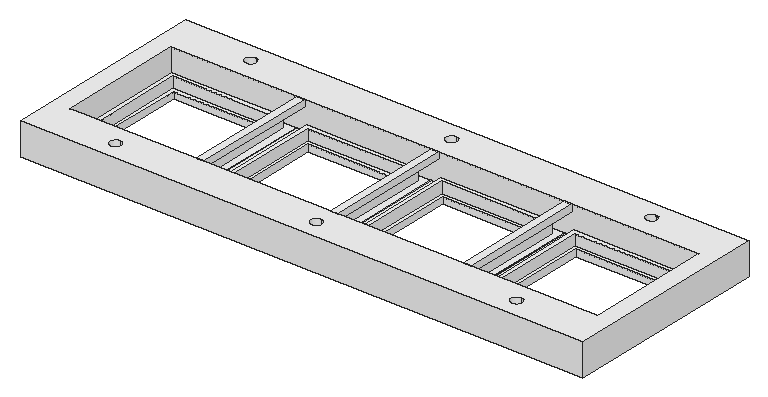
Revit family "Gira_021465", category Electrical Fixtures, host Face, Revit 2017
Family settings
  Host = Face
  Maintain Annotation Orientation = No
  Round Connector Dimension = Use Diameter
  Part Type = Normal
  Cut with Voids When Loaded = No
  Shared = No
  Room Calculation Point = No
Parameters (values of type "Abdeckrahmen 4f Gira TX_44 (WG UP) F Alu")
  Werkstoffgüte = "Thermoplast"
  Werkstoff = "Kunststoff"
  URL = "http://katalog.gira.de/de_DE/datenblatt.html?artikelnr=021465"
  Transparent = "No"
  Textfeld/Beschriftungsfläche = "No"
  Schutzart (IP) = "IP44"
  Region = "DE"
  Oberfläche = "lackiert"
  Name = "Abdeckrahmen 4f Gira TX_44 (WG UP) F Alu"
  Montagerichtung = "horizontal und vertikal"
  Mit Montagerahmen = "No"
  Mit Klappdeckel = "No"
  Manufacturer URL = "https://www.gira.de/"
  Keynote = "TX44_Rahmen_4fach"
  HeinzeBIM = "https://bimportal.heinze.de/bim/abdeckrahmen-4f-gira-tx-44-wg-up-f-alu/3bdfb5f32ee19000e1d2c692ed360d99cbe2bf3d"
  Halogenfrei = "No"
  HAN = "021465"
  Geeignet für Unterputz-Installation = "Yes"
  Geeignet für Unterflurkanaldose = "No"
  Geeignet für Geräteeinbaukanal = "No"
  Geeignet für Einbauinstallation = "No"
  GTIN = "4010337214656"
  Farbe = "aluminium"
  Default Elevation = 1219.2 mm
  Data sheet (1) = "https://katalog.gira.de/de_DE/download.html?artikelnr=021465"
  Category = "Abdeckrahmen"
  Befestigungsart = "Klemmbefestigung"
  Available = "Yes"
  Anzahl der Einheiten vertikal = "4 "
  Anzahl der Einheiten horizontal = "4 "
  Anzahl der Einheiten = "4 "
Reference planes
  plane 1 "Center (Front/Back)": y = 0
  plane 2: z = 0
  plane 3 "Center (Left/Right)": x = 0
  plane 4: x = -69.25
  plane 5: x = -73.25
  plane 6: x = 150
Forms (mm)
  Extrusion 1, solid, material "White", detail levels fine
    sketch origin (-107.091, 0, 0) x (0, -1, 0) y (1, 0, 0)
      loop
        line (-54.959, 257.091) -> (-54.959, -42.909) -> (54.959, -42.909) -> (54.959, 257.091) -> (-54.959, 257.091)
      loop
        line (-33.5, -33.5) -> (33.5, -33.5) -> (33.5, 247.683) -> (-33.5, 247.683) -> (-33.5, -33.5)
      loop
        circle (-45, -0.006) r 3
      loop
        circle (44.992, 0.001) r 3
      loop
        circle (-45, 213.594) r 3
      loop
        circle (44.992, 213.601) r 3
      loop
        circle (-45, 106.944) r 3
      loop
        circle (44.992, 106.951) r 3
    from 0 to 16.9
  Extrusion 2, solid, material "White", detail levels fine
    sketch origin (-107.091, 0, 0) x (0, -1, 0) y (1, 0, 0)
      loop
        line (-25.5, 25.5) -> (-25.5, -25.5) -> (25.5, -25.5) -> (25.5, 25.5) -> (-25.5, 25.5)
      loop
        line (-33.5, 33.5) -> (-33.5, -33.5) -> (33.5, -33.5) -> (33.5, 33.5) -> (-33.5, 33.5)
    from -1.6 to 2
  Extrusion 3, solid, material "White", detail levels fine
    sketch origin (-107.091, 0, 0) x (0, -1, 0) y (1, 0, 0)
      loop
        line (-27.5, 27.5) -> (-27.5, -27.5) -> (27.5, -27.5) -> (27.5, 27.5) -> (-27.5, 27.5)
      loop
        line (-29.5, 29.5) -> (-29.5, -29.5) -> (29.5, -29.5) -> (29.5, 29.5) -> (-29.5, 29.5)
    from 2 to 7.8
  Extrusion 4, solid, material "White", detail levels coarse+medium
    sketch origin (-107.091, 0, 0) x (0, -1, 0) y (1, 0, 0)
      loop
        line (-54.959, 257.091) -> (-54.959, -42.909) -> (54.959, -42.909) -> (54.959, 257.091) -> (-54.959, 257.091)
    from -1.6 to 16.9
  Extrusion 5, solid, material "White", detail levels fine
    sketch origin (-35.409, 0, 0) x (0, -1, 0) y (1, 0, 0)
      loop
        line (-25.5, 25.5) -> (-25.5, -25.5) -> (25.5, -25.5) -> (25.5, 25.5) -> (-25.5, 25.5)
      loop
        line (-33.5, 33.5) -> (-33.5, -33.5) -> (33.5, -33.5) -> (33.5, 33.5) -> (-33.5, 33.5)
    from -1.6 to 2
  Extrusion 6, solid, material "White", detail levels fine
    sketch origin (-35.409, 0, 0) x (0, -1, 0) y (1, 0, 0)
      loop
        line (-27.5, 27.5) -> (-27.5, -27.5) -> (27.5, -27.5) -> (27.5, 27.5) -> (-27.5, 27.5)
      loop
        line (-29.5, 29.5) -> (-29.5, -29.5) -> (29.5, -29.5) -> (29.5, 29.5) -> (-29.5, 29.5)
    from 2 to 7.8
  Extrusion 7, solid, material "White", detail levels fine
    sketch origin (-107.091, 0, 0) x (0, -1, 0) y (1, 0, 0)
      loop
        line (-33.5, 38.183) -> (-33.5, 33.5) -> (33.5, 33.5) -> (33.5, 38.183) -> (-33.5, 38.183)
    from 0 to 2
  Extrusion 8, solid, material "White", detail levels fine
    sketch origin (-107.091, 0, 0) x (0, -1, 0) y (1, 0, 0)
      loop
        line (-33.5, 37.841) -> (-33.5, 33.841) -> (33.5, 33.841) -> (33.5, 37.841) -> (-33.5, 37.841)
    from 13.4 to 16.9
  Extrusion 9, solid, material "White", detail levels fine
    sketch origin (36.091, 0, 0) x (0, -1, 0) y (1, 0, 0)
      loop
        line (-25.5, 25.5) -> (-25.5, -25.5) -> (25.5, -25.5) -> (25.5, 25.5) -> (-25.5, 25.5)
      loop
        line (-33.5, 33.5) -> (-33.5, -33.5) -> (33.5, -33.5) -> (33.5, 33.5) -> (-33.5, 33.5)
    from -1.6 to 2
  Extrusion 10, solid, material "White", detail levels fine
    sketch origin (36.091, 0, 0) x (0, -1, 0) y (1, 0, 0)
      loop
        line (-27.5, 27.5) -> (-27.5, -27.5) -> (27.5, -27.5) -> (27.5, 27.5) -> (-27.5, 27.5)
      loop
        line (-29.5, 29.5) -> (-29.5, -29.5) -> (29.5, -29.5) -> (29.5, 29.5) -> (-29.5, 29.5)
    from 2 to 7.8
  Extrusion 11, solid, material "White", detail levels fine
    sketch origin (-35.591, 0, 0) x (0, -1, 0) y (1, 0, 0)
      loop
        line (-33.5, 38.183) -> (-33.5, 33.683) -> (33.5, 33.683) -> (33.5, 38.183) -> (-33.5, 38.183)
    from 0 to 2
  Extrusion 12, solid, material "White", detail levels fine
    sketch origin (-35.591, 0, 0) x (0, -1, 0) y (1, 0, 0)
      loop
        line (-33.5, 37.841) -> (-33.5, 33.841) -> (33.5, 33.841) -> (33.5, 37.841) -> (-33.5, 37.841)
    from 13.4 to 16.9
  Extrusion 13, solid, material "White", detail levels fine
    sketch origin (107.091, 0, 0) x (0, -1, 0) y (1, 0, 0)
      loop
        line (-25.5, 25.5) -> (-25.5, -25.5) -> (25.5, -25.5) -> (25.5, 25.5) -> (-25.5, 25.5)
      loop
        line (-33.5, 33.5) -> (-33.5, -33.5) -> (33.5, -33.5) -> (33.5, 33.5) -> (-33.5, 33.5)
    from -1.6 to 2
  Extrusion 14, solid, material "White", detail levels fine
    sketch origin (107.091, 0, 0) x (0, -1, 0) y (1, 0, 0)
      loop
        line (-27.5, 27.5) -> (-27.5, -27.5) -> (27.5, -27.5) -> (27.5, 27.5) -> (-27.5, 27.5)
      loop
        line (-29.5, 29.5) -> (-29.5, -29.5) -> (29.5, -29.5) -> (29.5, 29.5) -> (-29.5, 29.5)
    from 2 to 7.8
  Extrusion 15, solid, material "White", detail levels fine
    sketch origin (35.409, 0, 0) x (0, -1, 0) y (1, 0, 0)
      loop
        line (-33.5, 38.183) -> (-33.5, 33.841) -> (33.5, 33.841) -> (33.5, 38.183) -> (-33.5, 38.183)
    from 0 to 2
  Extrusion 16, solid, material "White", detail levels fine
    sketch origin (35.409, 0, 0) x (0, -1, 0) y (1, 0, 0)
      loop
        line (-33.5, 37.841) -> (-33.5, 33.841) -> (33.5, 33.841) -> (33.5, 37.841) -> (-33.5, 37.841)
    from 13.4 to 16.9
Dimensions and locks
  aligned and locked: plane 2 to host face
  aligned and locked: level to host face
